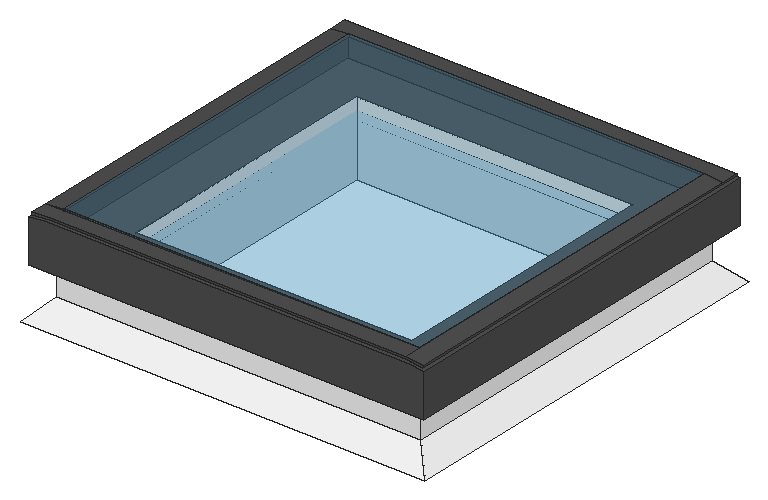
Revit family "CFP - CVP_ISD 1093 Generic", category Windows, host Roof, Revit 2014
Parameters (values of type "CVP / CFP size 900x900 (090090)")
  g-value = "0.51"
  ZCEVisible = no
  ZCEHeight = if(ZCEVisible, 160.000 mm, 0.000 mm)  # 0.000 mm
  WithinStandardSizes = or(and(Width = 780.000 mm, Height = 780.000 mm), and(Width = 980.000 mm, Height = 980.000 mm), and(Width = 1080.000 mm, Height = 780.000 mm), and(Width = 1080.000 mm, Height = 1080.000 mm), and(Width = 1080.000 mm, Height = 1080.000 mm), and(Width = 1180.000 mm, Height = 1180.000 mm), and(Width = 1380.000 mm, Height = 1080.000 mm), and(Width = 1380.000 mm, Height = 1380.000 mm), and(Width = 1680.000 mm, Height = 1180.000 mm), and(Width = 1680.000 mm, Height = 1680.000 mm))  # yes
  WindowArea m² = 0.81
  WidthDome = Width - 180.000 mm  # 900.000 mm
  Width Silk Screen Print = Width Outer Glass - 96.000 mm  # 950.000 mm
  Width Outer Glass = WidthDome + 146.000 mm  # 1046.000 mm
  Width External Profile = WidthDome + 156.000 mm  # 1056.000 mm
  Width = 1080.000 mm
  WaterTightnessClass = "n/a"
  WarrantyYears = "10"
  WarrantyStartDate = "n/a"
  WarrantyGuarantorParts = "n/a"
  WarrantyGuarantorLabour = "n/a"
  WarrantyDurationParts = "n/a"
  WarrantyDurationLabour = "n/a"
  WarrantyDescription = "n/a"
  VideoClip = "n/a"
  UltravioletTransmittance = "0.05"
  URL = "n/a"
  Type-ID = "n/a"
  Type Comments = "n/a"
  Thickness Glass = 5.000 mm
  ThermalTransmittance(window) W/(m²K) = 1.2
  ThermalTransmittance(glazing) W/(m²K) = 0.8
  ThermalTransmittance = "n/a"
  ThermalResistance(R) = 0.0000 (m²·K)/W
  ThermalBridge(Installation) W/mK = 0
  TechnicalDescriptionURL = "n/a"
  TagNumber = "n/a"
  Tag-ID = "n/a"
  SustainabilityPerformance = "n/a"
  SpeificationURL = "n/a"
  SpecificationURL = "n/a"
  SoundInsulation db = "37"
  SmokeStop = no
  Size = "CVP / CFP size 900x900 (090090)"
  Shape = "n/a"
  ServiceLifeType = "n/a"
  ServiceLifeDuration = "n/a"
  SerialNumber = "n/a"
  SecurityRating = "n/a"
  ReplacementCost = "n/a"
  ReferenceStandard = "n/a"
  Reference = "n/a"
  ReactionToFireClass = "E"
  ProductionYear = "n/a"
  ProductCertificationURL = "n/a"
  Process = "n/a"
  PowerSupply = "n/a"
  PlacementHeight = 0.000 mm
  PerimeterWindow m = 3.6
  Operation = "n/a"
  Opening Lines Offset = ZCEHeight + 262.072 mm  # 262.072 mm
  OffsetFromRoof = PlacementHeight + 400.000 mm  # 400.000 mm
  NominalWidth = "1080"
  NominalLength = "n/a"
  NominalHeight = "1080"
  ModelReference = "CVP / CFP size 900x900 (090090)"
  ModelLabel = "n/a"
  Model = "Flat roof window"
  MethodOfMeasurement = "n/a"
  MaterialsExternal = Aluminium profiles / 5 mm toughened glass pane
  Material = "Aluminium profiles / 5 mm toughened glass pane"
  ManufacturerURL = "n/a"
  Manufacturer = "n/a"
  Location-ID = "n/a"
  LightTransmittance = "0.72"
  LifeCyclePhase = "n/a"
  LabelingEnvironmentalImpact = "n/a"
  Keynote = "n/a"
  IsExternal = yes
  InternalAccessories = "n/a"
  InstallationInstructionURL = "n/a"
  InstallationDate = "n/a"
  InstallationAccessories = "n/a"
  Infiltration = "n/a"
  Height Top Unit = 151.000 mm
  Height Outer Glass = Height Dome + 146.000 mm  # 1046.000 mm
  Height External Profile = Height Dome + 156.000 mm  # 1056.000 mm
  Height Dome = Height - 180.000 mm  # 900.000 mm
  Height = 1080.000 mm
  HalfWidth = (Width / 2) - 2.500 mm  # 537.500 mm
  HalfHeight = (Height / 2) - 2.500 mm  # 537.500 mm
  Half Height = Height Dome / 2  # 450.000 mm
  Grade = "n/a"
  GlazingAreaFraction = "n/a"
  Glazing = 5mm Toughened Glass
  GlassArea m² = 0.81
  Function = "Flat roof window"
  FireRating = "E"
  Finish = "PVC Color NCS S 0502-Y"
  Features = "Ventilation flat roof window"
  ExternalAccessories = "n/a"
  EmergencyExit = no
  DomeProfileLength = if((HalfWidth < HalfHeight), HalfWidth, HalfHeight)  # 537.500 mm
  Documentation = "n/a"
  DocumentReference = "n/a"
  Disclaimer = "n/a"
  DescriptionURL = "n/a"
  Description = "n/a"
  DefaultModel3DSlope = 0.000 mm
  DateOfPublishing = "n/a"
  Count = "1"
  Copyright = "n/a"
  Constituents = "n/a"
  Colour = "Aluminium profiles / 5 mm toughened glass pane"
  CodePerformance = "n/a"
  CoatingInternal = White PVC
  Coarse Profile = not(ZCEVisible)  # yes
  Classification = "n/a"
  CCS Type-ID = "n/a"
  CCS Tag-ID = "n/a"
  CCS Location-ID = "n/a"
  BarCode = "n/a"
  AssetIdentifier = "n/a"
  Assembly Code = "B3020110"
  Analytic Construction = "<None>"
  AllowedRoofSlope = "0°-15°"
  AirPermeabilityClass = "n/a"
  AcousticRating = "37"
  AccessibilityPerformance = "n/a"
  2DDetailsURL = "n/a"
Types (8, lengths in mm): name | WithinStandardSizes | WindowArea m² | WidthDome | Width Silk Screen Print | Width Outer Glass | Width External Profile | Width | Thickness Glass | Size | PerimeterWindow m | NominalWidth | NominalHeight | ModelReference | Height Top Unit | Height Outer Glass | Height External Profile | Height Dome | Height | HalfWidth | HalfHeight | Half Height | GlassArea m² | DomeProfileLength
  CVP / CFP size 600x600 (060060) | yes | 0.36 | 600.000 | 650.000 | 746.000 | 756.000 | 780.000 | 6.000 | "CVP / CFP size 600x600 (060060)" | 2.4 | "780" | "780" | "CVP / CFP size 600x600 (060060)" | 139.000 | 746.000 | 756.000 | 600.000 | 780.000 | 387.500 | 387.500 | 300.000 | 0.36 | 387.500
  CVP / CFP size 1000x1500 (100150) | no | 1.5 | 1000.000 | 1050.000 | 1146.000 | 1156.000 | 1180.000 | 6.000 | "CVP / CFP size 1000x1500 (100150)" | 5 | "1680" | "1180" | "CVP / CFP size 1000x1500 (100150)" | 190.000 | 1646.000 | 1656.000 | 1500.000 | 1680.000 | 587.500 | 837.500 | 750.000 | 1.5 | 587.500
  CVP / CFP size 900x900 (090090) | yes | 0.81 | 900.000 | 950.000 | 1046.000 | 1056.000 | 1080.000 | 5.000 | "CVP / CFP size 900x900 (090090)" | 3.6 | "1080" | "1080" | "CVP / CFP size 900x900 (090090)" | 151.000 | 1046.000 | 1056.000 | 900.000 | 1080.000 | 537.500 | 537.500 | 450.000 | 0.81 | 537.500
  CVP / CFP size 800x800 (080080) | yes | 0.64 | 800.000 | 850.000 | 946.000 | 956.000 | 980.000 | 5.000 | "CVP / CFP size 800x800 (080080)" | 3.2 | "980" | "980" | "CVP / CFP size 800x800 (080080)" | 147.000 | 946.000 | 956.000 | 800.000 | 980.000 | 487.500 | 487.500 | 400.000 | 0.64 | 487.500
  CVP / CFP size 900x1200 (090120) | no | 1.08 | 900.000 | 950.000 | 1046.000 | 1056.000 | 1080.000 | 6.000 | "CVP / CFP size 900x1200 (090120)" | 4.2 | "1380" | "1080" | "CVP / CFP size 900x1200 (090120)" | 169.000 | 1346.000 | 1356.000 | 1200.000 | 1380.000 | 537.500 | 687.500 | 600.000 | 1.08 | 537.500
  CVP / CFP size 600x900 (060090) | no | 0.54 | 600.000 | 650.000 | 746.000 | 756.000 | 780.000 | 5.000 | "CVP / CFP size 600x900 (060090)" | 3 | "1080" | "780" | "CVP / CFP size 600x900 (060090)" | 151.000 | 1046.000 | 1056.000 | 900.000 | 1080.000 | 387.500 | 537.500 | 450.000 | 0.54 | 387.500
  CVP / CFP size 1200x1200 (120120) | yes | 1.44 | 1200.000 | 1250.000 | 1346.000 | 1356.000 | 1380.000 | 6.000 | "CVP / CFP size 1200x1200 (120120)" | 4.8 | "1380" | "1380" | "CVP / CFP size 1200x1200 (120120)" | 169.000 | 1346.000 | 1356.000 | 1200.000 | 1380.000 | 687.500 | 687.500 | 600.000 | 1.44 | 687.500
  CVP / CFP size 1000x1000 (100100) | yes | 1 | 1000.000 | 1050.000 | 1146.000 | 1156.000 | 1180.000 | 5.000 | "CVP / CFP size 1000x1000 (100100)" | 4 | "1180" | "1180" | "CVP / CFP size 1000x1000 (100100)" | 156.000 | 1146.000 | 1156.000 | 1000.000 | 1180.000 | 587.500 | 587.500 | 500.000 | 1 | 587.500
Reference planes
  plane 1 "Center (Front/Back)": y = 0
  plane 2 "Roof": z = 4000
  plane 3 "Center (Left/Right)": x = 0
  plane 4: x = -450
  plane 5: y = 450
  plane 6: x = 450
  plane 7: y = -450
  plane 8 "Roof Top": z = 4150
  plane 9 "A": z = 4150
  plane 10: x = -413
  plane 11 "Placement Height": z = 4150
  plane 12: x = -540
  plane 13: x = 540
  plane 14: y = 540
  plane 15: y = -540
  plane 16 "Lines": x = -429.263
  plane 17: z = 4550
  plane 18: y = 528
  plane 19: y = 487.8
  plane 20: y = -528
  plane 21: y = -487.8
  plane 22 "H1": x = -523
  plane 23 "H2": x = 523
  plane 24 "W1": y = -523
  plane 25 "W2": y = 523
Forms (mm)
  Sweep 1, solid, material "White PVC" <- "CoatingInternal", visible <- "ZCEVisible"
    path origin (-1732.686, -4572, 4150) x (-1, 0, 0) y (0, -1, 0)
      loop
        line (-1282.686, -4122) -> (-2182.686, -4122) -> (-2182.686, -5022) -> (-1282.686, -5022) -> (-1282.686, -4122)
    profile origin (-450, 0, 4150) x (-1, 0, 0) y (0, 0, 1)
      loop
        line (90, 0) -> (90, 160) -> (6, 160) -> (6, 0) -> (90, 0)
  Sweep 2, solid, material "Aluminium profiles / 5 mm toughened glass pane" <- "MaterialsExternal", visible <- "ZCEVisible"
    path origin (-862.686, -4572, 4150) x (-1, 0, 0) y (0, -1, 0)
      loop
        line (-1312.686, -4122) -> (-1312.686, -5022) -> (-412.686, -5022) -> (-412.686, -4122) -> (-1312.686, -4122)
    profile origin (450, 0, 4150) x (-1, 0, 0) y (0, 0, 1)
      loop
        line (-90, 0) -> (80.737, 0) -> (80.737, 143.375) -> (47.486, 143.375) -> (47.486, 167.375) -> (80.737, 167.375) -> (80.737, 198.926) -> (-78, 198.926) -> (-78, 136.066) -> (-68.4, 136.066) -> (-68.4, 150) -> (-36.501, 150) -> (-36.501, 54.661) -> (-90, 0)
  Extrusion 3, solid, material "5mm Toughened Glass" <- "Glazing", visible <- "ZCEVisible"
    sketch origin (402.514, -402.514, 4293.375) x (0, 1, 0) y (-1, 0, 0)
      loop
        line (805.028, 805.028) -> (0, 805.028) -> (0, 0) -> (805.028, 0) -> (805.028, 805.028)
    from 0 to 24
  Sweep 4, solid, material "Aluminium profiles / 5 mm toughened glass pane" <- "MaterialsExternal", visible <- "Coarse Profile"
    path origin (-862.686, -4572, 4150) x (-1, 0, 0) y (0, -1, 0)
      loop
        line (-1312.686, -4122) -> (-1312.686, -5022) -> (-412.686, -5022) -> (-412.686, -4122) -> (-1312.686, -4122)
    profile origin (450, 0, 4150) x (-1, 0, 0) y (0, 0, 1)
      loop
        line (-90, 0) -> (80.737, 0) -> (80.737, 198.926) -> (-78, 198.926) -> (-78, 136.066) -> (-68.4, 136.066) -> (-68.4, 150) -> (-36.501, 150) -> (-36.501, 54.661) -> (-90, 0)
  Extrusion 5, solid, material "5mm Toughened Glass" <- "Glazing", visible <- "Coarse Profile"
    sketch origin (369.263, -369.263, 4150) x (1, 0, 0) y (0, -1, 0)
      loop
        line (0, -738.526) -> (0, 0) -> (-738.526, 0) -> (-738.526, -738.526) -> (0, -738.526)
    from -167.375 to -143.375
  Sweep 6, solid, material "5mm Toughened Glass" <- "Glazing", not visible, detail levels coarse
    path origin (0, 0, 160) x (1, 0, 0) y (0, 0, 1)
      loop
        arc (-523, 4250.429) -> (0, 4277.375) -> (523, 4250.429) r 5089.064
    profile origin (0, 0, 4437.375) x (0, 0, 1) y (0, -1, 0)
      loop
        line (0, 523) -> (-5, 523) -> (-5, -523) -> (0, -523) -> (0, 523)
  Sweep 7, solid, material "Aluminium profiles / 5 mm toughened glass pane" <- "MaterialsExternal", visible <- "Coarse Profile"
    path in 3D
      loop
        line (-528, 528, 4348.926) -> (-528, -528, 4348.926)
    profile origin (-528, 0, 4348.926) x (1, 0, 0) y (0, 0, 1)
      loop
        line (0, 51.149) -> (0, 0) -> (40.2, 0) -> (40.2, 55.179)
        arc (40.2, 55.179) -> (20.096, 53.204) -> (0, 51.149) r 5091.216
  Sweep 8, solid, material "Aluminium profiles / 5 mm toughened glass pane" <- "MaterialsExternal", visible <- "Coarse Profile"
    path in 3D
      loop
        line (528, -528, 4348.926) -> (528, 528, 4348.926)
    profile origin (528, 0, 4348.926) x (-1, 0, 0) y (0, 0, 1)
      loop
        arc (40.2, 55.179) -> (20.096, 53.204) -> (0, 51.149) r 5091.216
        line (0, 51.149) -> (0, 0) -> (40.2, 0) -> (40.2, 55.179)
  Extrusion 9, solid, material "Aluminium profiles / 5 mm toughened glass pane" <- "MaterialsExternal", visible <- "Coarse Profile"
    sketch origin (0, 0, 0) x (1, 0, 0) y (0, 0, 1)
      loop
        line (-528, 4400.075) -> (-528, 4348.926) -> (528, 4348.926) -> (528, 4400.075)
        arc (528, 4400.075) -> (0, 4427.528) -> (-528, 4400.075) r 5091.216
    from -528 to -487.8
  Extrusion 10, solid, material "Aluminium profiles / 5 mm toughened glass pane" <- "MaterialsExternal", visible <- "Coarse Profile"
    sketch origin (0, 0, 0) x (1, 0, 0) y (0, 0, 1)
      loop
        line (-528, 4400.075) -> (-528, 4348.926) -> (528, 4348.926) -> (528, 4400.075)
        arc (528, 4400.075) -> (0, 4427.528) -> (-528, 4400.075) r 5091.216
    from 487.8 to 528
  Sweep 11, solid, material "Aluminium profiles / 5 mm toughened glass pane" <- "MaterialsExternal", visible <- "ZCEVisible"
    path in 3D
      loop
        line (-528, 528, 4348.926) -> (-528, -528, 4348.926)
    profile origin (-528, 0, 4348.926) x (1, 0, 0) y (0, 0, 1)
      loop
        line (0, 51.149) -> (0, 0) -> (40.2, 0) -> (40.2, 55.179)
        arc (40.2, 55.179) -> (20.096, 53.204) -> (0, 51.149) r 5091.216
  Sweep 12, solid, material "Aluminium profiles / 5 mm toughened glass pane" <- "MaterialsExternal", visible <- "ZCEVisible"
    path in 3D
      loop
        line (528, -528, 4348.926) -> (528, 528, 4348.926)
    profile origin (528, 0, 4348.926) x (-1, 0, 0) y (0, 0, 1)
      loop
        arc (40.2, 55.179) -> (20.096, 53.204) -> (0, 51.149) r 5091.216
        line (0, 51.149) -> (0, 0) -> (40.2, 0) -> (40.2, 55.179)
  Extrusion 13, solid, material "Aluminium profiles / 5 mm toughened glass pane" <- "MaterialsExternal", visible <- "ZCEVisible"
    sketch origin (0, 0, 0) x (1, 0, 0) y (0, 0, 1)
      loop
        line (-528, 4400.075) -> (-528, 4348.926) -> (528, 4348.926) -> (528, 4400.075)
        arc (528, 4400.075) -> (0, 4427.528) -> (-528, 4400.075) r 5091.216
    from -528 to -487.8
  Extrusion 14, solid, material "Aluminium profiles / 5 mm toughened glass pane" <- "MaterialsExternal", visible <- "ZCEVisible"
    sketch origin (0, 0, 0) x (1, 0, 0) y (0, 0, 1)
      loop
        line (-528, 4400.075) -> (-528, 4348.926) -> (528, 4348.926) -> (528, 4400.075)
        arc (528, 4400.075) -> (0, 4427.528) -> (-528, 4400.075) r 5091.216
    from 487.8 to 528
  Sweep 15, solid, material "Aluminium profiles / 5 mm toughened glass pane" <- "MaterialsExternal"
    path in 3D
      loop
        arc (523, 523, 4410.429) -> (0, 523, 4437.375) -> (-523, 523, 4410.429) r 5089.064
    profile origin (0, 523, 4437.375) x (0, 0, 1) y (0, 1, 0)
      loop
        line (0, 0) -> (-5, 0) -> (-5, -48) -> (0, -48) -> (0, 0)
  Sweep 16, solid, material "Aluminium profiles / 5 mm toughened glass pane" <- "MaterialsExternal"
    path in 3D
      loop
        arc (-523, -523, 4410.429) -> (0, -523, 4437.375) -> (523, -523, 4410.429) r 5089.064
    profile origin (0, -523, 4437.375) x (0, 0, 1) y (0, -1, 0)
      loop
        line (0, 0) -> (-5, 0) -> (-5, -48) -> (0, -48) -> (0, 0)
  Sweep 17, solid, material "Aluminium profiles / 5 mm toughened glass pane" <- "MaterialsExternal"
    path in 3D
      loop
        line (523, 523, 4410.429) -> (523, -523, 4410.429)
    profile origin (523, 0, 4410.429) x (-0.102769, 0, -0.994705) y (0.994705, 0, -0.102769)
      loop
        line (0.227, -48.057) -> (5.227, -48.057)
        arc (5.227, -48.057) -> (5.057, -24.029) -> (5, 0) r 5084.064
        line (5, 0) -> (0, 0)
        arc (0, 0) -> (0.057, -24.029) -> (0.227, -48.057) r 5089.064
  Sweep 18, solid, material "Aluminium profiles / 5 mm toughened glass pane" <- "MaterialsExternal"
    path in 3D
      loop
        line (-523, -523, 4410.429) -> (-523, 523, 4410.429)
    profile origin (-523, 0, 4410.429) x (0.102769, 0, -0.994705) y (-0.994705, 0, -0.102769)
      loop
        arc (0, 0) -> (0.057, -24.029) -> (0.227, -48.057) r 5089.064
        line (0.227, -48.057) -> (5.227, -48.057)
        arc (5.227, -48.057) -> (5.057, -24.029) -> (5, 0) r 5084.064
        line (5, 0) -> (0, 0)
  Sweep 19, solid, material "5mm Toughened Glass" <- "Glazing"
    path in 3D
      loop
        arc (-475.174, 475, 4415.143) -> (0, 475, 4437.375) -> (475.174, 475, 4415.143) r 5089.064
    profile origin (0, 475, 4437.375) x (0, 0, 1) y (0, -1, 0)
      loop
        line (0, 0) -> (0, 950) -> (-5, 950) -> (-5, 0) -> (0, 0)
Cuts and joins
  joined: Sweep 4, Sweep 7, Sweep 8, Extrusion 9, Extrusion 10
  joined: Sweep 2, Sweep 11, Sweep 12, Extrusion 13, Extrusion 14
  joined: Sweep 15, Sweep 16, Sweep 17, Sweep 18
Lines and regions (mm)
  Opening 1
    outline origin (0, 0, 4150) x (0, 1, 0) y (-1, 0, 0)
      loop
        line (440, 440) -> (-440, 440) -> (-440, -440) -> (440, -440) -> (440, 440)
  reference lines
    curve 1: line (787.314, 0, 4149.375) -> (-450, 0, 4149.375)
    curve 2: line (487.314, 0, 4149.375) -> (487.314, 0, 4132.776)
    curve 3: line (487.314, 0, 4000) -> (487.314, 450, 4000)
    curve 4: line (787.314, 0, 4149.375) -> (-7.38, 0, 4149.375)
    curve 5: line (-413, 0, 3912.99) -> (-401.586, 0, 4130.787)
    curve 6: line (0, 0, 4286.375) -> (0, 0, 4437.375)
    curve 7: line (523, 0, 4410.429) -> (-523, 0, 4410.429)
    curve 8: arc (-523, 0, 4410.429) -> (0, 0, 4437.375) -> (523, 0, 4410.429) r 5089.064
    curve 9: line (528, 0, 4400.075) -> (-528, 0, 4400.075)
    curve 10: arc (-528, 0, 4400.075) -> (0, 0, 4427.528) -> (528, 0, 4400.075) r 5091.216
  sketch lines
    curve 11: line (-528, 528, 4348.926) -> (-528, -528, 4348.926)
    curve 12: line (528, -528, 4348.926) -> (528, 528, 4348.926)
    curve 13: line (-528, 528, 4348.926) -> (-528, -528, 4348.926)
    curve 14: line (528, -528, 4348.926) -> (528, 528, 4348.926)
    curve 15: arc (523, 523, 4410.429) -> (0, 523, 4437.375) -> (-523, 523, 4410.429) r 5089.064
    curve 16: arc (-523, -523, 4410.429) -> (0, -523, 4437.375) -> (523, -523, 4410.429) r 5089.064
    curve 17: line (523, 523, 4410.429) -> (523, -523, 4410.429)
    curve 18: line (-523, -523, 4410.429) -> (-523, 523, 4410.429)
    curve 19: arc (-475.174, 475, 4415.143) -> (0, 475, 4437.375) -> (475.174, 475, 4415.143) r 5089.064
Dimensions and locks
  equal spacing: host sketch curve, plane 3 "Center (Left/Right)", host sketch curve
  equal spacing: host sketch curve, plane 1 "Center (Front/Back)", host sketch curve
  equal spacing: plane 4, plane 3 "Center (Left/Right)", plane 6
  "Height": plane 12 to plane 13
  equal spacing: plane 5, plane 1 "Center (Front/Back)", plane 7
  "Width": plane 14 to plane 15
  locked: plane 6 to curve 3 at 37.314
  locked: curve 2 to plane 6 at 37.314
  locked: host roof to plane 8 "Roof Top"
  locked: plane 4 to plane 10 at 37
  "ZCEHeight": plane 9 "A" to plane 11 "Placement Height"
  locked: plane 12 to plane 4 at 90
  locked: plane 6 to plane 13 at 90
  locked: plane 14 to plane 5 at 90
  locked: plane 15 to plane 7 at 90
  locked: plane 4 to Opening 1 sketch curve at 10
  locked: Opening 1 sketch curve to plane 6 at 10
  locked: plane 7 to Opening 1 sketch curve at 10
  locked: plane 5 to Opening 1 sketch curve at 10
  locked: plane 17 to plane 11 "Placement Height" at 400
  "OffsetFromRoof": plane 17 to host roof
  "Height Top Unit": curve 6 to curve 6
  "Height Outer Glass": curve 7 to curve 7
  equal spacing: curve 7, plane 3 "Center (Left/Right)", curve 7
  equal spacing: Sweep 6 sketch curve, profile plane, Sweep 6 sketch curve
  "Width Outer Glass": Sweep 6 sketch curve to Sweep 6 sketch curve
  "Thickness Glass": Sweep 6 sketch curve to profile plane
  locked: curve 6 to plane 9 "A" at 136.375
  "Height External Profile": curve 9 to curve 9
  equal spacing: curve 9, plane 3 "Center (Left/Right)", curve 9
  locked: curve 9 to curve 6 at 113.7
  locked: plane 18 to plane 14 at 12
  locked: plane 19 to plane 18 at 40.2
  locked: profile plane to Sweep 8 sketch curve at 40.2
  locked: profile plane to Sweep 7 sketch curve at 40.2
  locked: plane 21 to plane 20 at 40.2
  locked: plane 15 to plane 20 at 12
  locked: profile plane to Sweep 11 sketch curve at 40.2
  locked: profile plane to Sweep 12 sketch curve at 40.2
  equal spacing: plane 22 "H1", plane 3 "Center (Left/Right)", plane 23 "H2"
  equal spacing: plane 25 "W2", plane 1 "Center (Front/Back)", plane 24 "W1"
  "Width Outer Glass": plane 25 "W2" to plane 24 "W1"
  "Height Outer Glass": plane 22 "H1" to plane 23 "H2"
  "Thickness Glass": Sweep 15 sketch curve to profile plane
  "Thickness Glass": Sweep 16 sketch curve to profile plane
  "Thickness Glass": Sweep 19 sketch curve to profile plane
  "Width Silk Screen Print": Sweep 19 sketch curve to profile plane
  locked: curve 4 to curve 1 (angle 0.00000°)
  locked: curve 5 to plane 10 (angle 3.00000°)
  aligned and locked: level to plane 2 "Roof"
  aligned and locked: profile plane to Sweep 2 sketch curve
  aligned and locked: Extrusion 3 sketch curve to Sweep 2  (x4)
  aligned and locked: Extrusion 3 to Sweep 2
  aligned and locked: profile plane to Sweep 4 sketch curve
  aligned and locked: Extrusion 5 sketch curve to Sweep 4  (x4)
  aligned and locked: Extrusion 5 to Sweep 2
  aligned and locked: Sweep 6 sketch curve to curve 8
  aligned and locked: Sweep 2 sketch curve to Sweep 4
  aligned and locked: Sweep 7 sketch curve to curve 10
  aligned and locked: Sweep 8 sketch curve to curve 10
  aligned and locked: Extrusion 9 sketch curve to curve 10
  aligned and locked: Extrusion 9 sketch curve to Sweep 2  (x2)
  aligned and locked: Sweep 2 to Extrusion 9 sketch curve
  aligned and locked: plane 18 to Extrusion 9
  aligned and locked: Extrusion 9 to plane 19
  aligned and locked: Extrusion 10 sketch curve to curve 10
  aligned and locked: Sweep 2 to Extrusion 10 sketch curve
  aligned and locked: Extrusion 10 sketch curve to Sweep 2  (x2)
  aligned and locked: plane 20 to Extrusion 10
  aligned and locked: Extrusion 10 to plane 21
  aligned and locked: Sweep 11 sketch curve to curve 10
  aligned and locked: Sweep 12 sketch curve to curve 10
  aligned and locked: Extrusion 13 sketch curve to curve 10
  aligned and locked: cut or joined group of Sweep 2, Sweep 11, Sweep 12, Extrusion 13, Extrusion 14 to Extrusion 13 sketch curve
  aligned and locked: Extrusion 13 sketch curve to cut or joined group of Sweep 2, Sweep 11, Sweep 12, Extrusion 13, Extrusion 14  (x2)
  aligned and locked: plane 18 to Extrusion 13
  aligned and locked: Extrusion 13 to plane 19
  aligned and locked: Extrusion 14 sketch curve to curve 10
  aligned and locked: cut or joined group of Sweep 2, Sweep 11, Sweep 12, Extrusion 13, Extrusion 14 to Extrusion 14 sketch curve
  aligned and locked: Extrusion 14 sketch curve to cut or joined group of Sweep 2, Sweep 11, Sweep 12, Extrusion 13, Extrusion 14  (x2)
  aligned and locked: plane 20 to Extrusion 14
  aligned and locked: Extrusion 14 to plane 21
  aligned and locked: Sweep 17 sketch curve to curve 8
  aligned and locked: Sweep 17 sketch curve to Sweep 6
  aligned and locked: Sweep 18 sketch curve to curve 8
  aligned and locked: Sweep 18 sketch curve to Sweep 6
Automatic sketch dimensions
  curve 3 to plane 5 = 0.000 mm
  plane 1 "Center (Front/Back)" to curve 3 = 0.000 mm
  Sweep 1 sketch curve to plane 6 = 0.000 mm
  Sweep 1 sketch curve to plane 4 = 0.000 mm
  Sweep 1 sketch curve to plane 5 = 0.000 mm
  plane 7 to Sweep 1 sketch curve = 0.000 mm
  Sweep 2 sketch curve to plane 5 = 0.000 mm
  Sweep 2 sketch curve to plane 6 = 0.000 mm
  Sweep 2 sketch curve to plane 4 = 0.000 mm
  plane 7 to Sweep 2 sketch curve = 0.000 mm
  Sweep 4 sketch curve to plane 5 = 0.000 mm
  Sweep 4 sketch curve to plane 6 = 0.000 mm
  Sweep 4 sketch curve to plane 4 = 0.000 mm
  plane 7 to Sweep 4 sketch curve = 0.000 mm
  Sweep 1 sketch curve to plane 11 "Placement Height" = 0.000 mm
  Sweep 1 sketch curve to profile plane = 6.000 mm
  Sweep 1 sketch curve to Sweep 1 sketch curve = 84.000 mm
  plane 11 "Placement Height" to Sweep 1 sketch curve = 160.000 mm
  Sweep 6 sketch curve to plane 12 = 17.000 mm
  Sweep 6 sketch curve to plane 13 = 17.000 mm
  Sweep 2 sketch curve to profile plane = 80.737 mm
  Sweep 2 sketch curve to Sweep 2 sketch curve = 0.000 mm
  Sweep 2 sketch curve to Sweep 2 sketch curve = 33.251 mm
  profile plane to Sweep 2 sketch curve = 36.501 mm
  Sweep 2 sketch curve to Sweep 2 sketch curve = 31.899 mm
  Sweep 2 sketch curve to Sweep 2 sketch curve = 9.600 mm
  Sweep 2 sketch curve to Sweep 2 sketch curve = 53.499 mm
  plane 9 "A" to Sweep 2 sketch curve = 54.661 mm
  Sweep 2 sketch curve to Sweep 2 sketch curve = 13.934 mm
  Sweep 2 sketch curve to Sweep 2 sketch curve = 6.625 mm
  Sweep 2 sketch curve to Sweep 2 sketch curve = 24.000 mm
  Sweep 2 sketch curve to Sweep 2 sketch curve = 31.551 mm
  profile plane to Sweep 4 sketch curve = 90.000 mm
  profile plane to Sweep 4 sketch curve = 78.000 mm
  Sweep 4 sketch curve to Sweep 4 sketch curve = 9.600 mm
  Sweep 4 sketch curve to Sweep 4 sketch curve = 31.899 mm
  Sweep 4 sketch curve to profile plane = 80.737 mm
  plane 9 "A" to Sweep 4 sketch curve = 54.661 mm
  Sweep 4 sketch curve to Sweep 4 sketch curve = 81.405 mm
  Sweep 4 sketch curve to Sweep 4 sketch curve = 13.934 mm
  Sweep 4 sketch curve to Sweep 4 sketch curve = 48.926 mm
  profile plane to Sweep 7 sketch curve = 0.000 mm
  Sweep 7 sketch curve to profile plane = 0.000 mm
  Sweep 8 sketch curve to profile plane = 0.000 mm  (x2)
  profile plane to Sweep 11 sketch curve = 0.000 mm
  Sweep 11 sketch curve to profile plane = 0.000 mm
  Sweep 12 sketch curve to profile plane = 0.000 mm
  profile plane to Sweep 12 sketch curve = 0.000 mm
  Sweep 17 sketch curve to profile plane = 0.227 mm
  Sweep 18 sketch curve to profile plane = 0.227 mm
  plane 4 to curve 1 = 0.000 mm
  plane 10 to curve 5 = 0.000 mm
  plane 3 "Center (Left/Right)" to curve 10 = 0.000 mm
  curve 6 to plane 3 "Center (Left/Right)" = 0.000 mm
  plane 8 "Roof Top" to curve 1 = 0.625 mm
  curve 8 to level = 651.689 mm
  curve 10 to curve 8 = 12.000 mm
  curve 2 to curve 2 = 16.599 mm
  plane 8 "Roof Top" to curve 5 = 19.213 mm
  profile plane to Sweep 6 sketch curve = 0.000 mm
  profile plane to Sweep 15 sketch curve = 0.000 mm
  Sweep 15 sketch curve to profile plane = 0.000 mm
  Sweep 15 sketch curve to profile plane = 48.000 mm
  profile plane to Sweep 16 sketch curve = 0.000 mm
  Sweep 16 sketch curve to profile plane = 0.000 mm
  Sweep 16 sketch curve to profile plane = 48.000 mm
  profile plane to Sweep 19 sketch curve = 0.000 mm
  Sweep 19 sketch curve to profile plane = 0.000 mm
